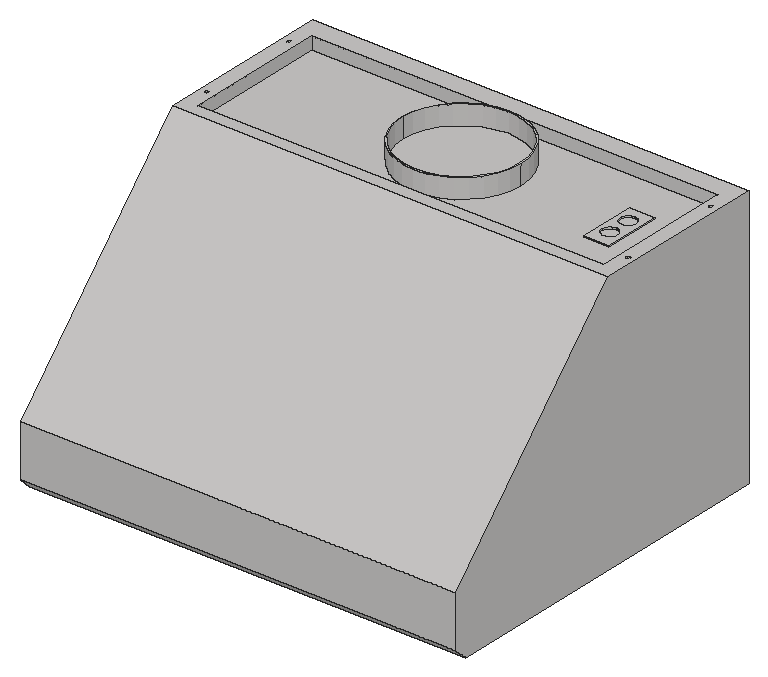
Revit family "FP_Revit_18_HCB30-6_N_Rangehood_90001233A", category Specialty Equipment, Revit 2018
Family settings
  Round Connector Dimension = Use Diameter
  Part Type = Normal
  OmniClass Number = 23.40.40.00
  OmniClass Title = Food Service Equipment and Furnishings
  Work Plane-Based = No
  Always vertical = Yes
  Cut with Voids When Loaded = Yes
  Shared = No
  Room Calculation Point = No
Parameters
  Visibility - Duct Cover [instance] = no
  URL = "www.fisherpaykel.com"
  Product - Width = 759 mm  # constant formula
  Product - Height = 457 mm  # constant formula
  Product - Depth = 636 mm  # constant formula
  Model = "HCB30-6_N"
  Material - Glass = Fisher & Paykel - White Bezel
  Material - Buttons and Dials = Fisher & Paykel - Steel, Chrome Plated
  Material - Body = Fisher & Paykel - Stainless Steel
  Manufacturer = "Fisher & Paykel Appliances"
  FFL Offset [instance] = 1677 mm
  Duct Cover - Height 6"(152mm) or 12"(305mm) [instance] = 305 mm
  Description = "30\" Professional Rangehood"
  Connector Description - Extraction = "8\" (208mm) Outside diameter of ducting outlet, 600 CFM"
  Connector Description - Electrical = "120 V, 60 Hz, 20 A, Branch circuit"
Reference planes
  plane 1 "Center (Front/Back)": y = 0
  plane 2: z = 0
  plane 3 "Center (Left/Right)": x = 0
  plane 4 "Product LHS": x = -379.5
  plane 5 "Product RHS": x = 379.5
  plane 6 "Product Front": y = -318
  plane 7 "Product Rear": y = 318
  plane 8 "FFL Offset": z = 1677
  plane 9 "Product - Height": z = 2134
  plane 10 "Mounting": x = -367
  plane 11 "Duct Cover": z = 2439
Forms (mm)
  Extrusion 1, solid, material "Fisher & Paykel - Stainless Steel" <- "Material - Body"
    sketch origin (0, 0, 0) x (0, 1, 0) y (0, 0, 1)
      loop
        line (318, 2134) -> (13.065, 2134)
        arc (13.065, 2134) -> (-159.196, 1966.92) -> (-318, 1787) r 3096.237
        line (-318, 1787) -> (-318, 1696.18) -> (-297.82, 1677) -> (318, 1677) -> (318, 2134)
    from -379.5 to 379.5
  Extrusion 2, solid, material "Fisher & Paykel - Stainless Steel" <- "Material - Body"
    sketch origin (0, 0, 0) x (1, 0, 0) y (0, 1, 0)
      loop
        circle (0, 168) r 104
      loop
        circle (0, 168) r 102
    from 2112 to 2146
  Extrusion 3, void
    sketch origin (0, 0, 82.261) x (1, 0, 0) y (0, 1, 0)
      loop
        circle (-367, 252) r 3
      loop
        circle (-367, 72) r 3
      loop
        circle (367, 252) r 3
      loop
        circle (367, 72) r 3
    from 2041.739 to 2051.739
  Extrusion 4, void
    sketch origin (0, 0, 0) x (1, 0, 0) y (0, 0, 1)
      loop
        line (227.78, 2027.773) -> (227.78, 2037.9)
        arc (227.78, 2037.9) -> (224.28, 2041.4) -> (220.78, 2037.9) r 3.5
        line (220.78, 2037.9) -> (220.78, 2027.773)
        arc (220.78, 2027.773) -> (224.28, 2016.89) -> (227.78, 2027.773) r 6.004
      loop
        circle (250, 1753) r 9
      loop
        arc (-227.78, 2027.773) -> (-224.28, 2016.89) -> (-220.78, 2027.773) r 6.004
        line (-220.78, 2027.773) -> (-220.78, 2037.9)
        arc (-220.78, 2037.9) -> (-224.28, 2041.4) -> (-227.78, 2037.9) r 3.5
        line (-227.78, 2037.9) -> (-227.78, 2027.773)
      loop
        circle (-250, 1753) r 9
    from -318 to -293
  Extrusion 5, void
    sketch origin (0, 0, 0) x (0, 1, 0) y (0, 0, 1)
      loop
        line (-278.628, 1677) -> (242.7, 1677) -> (224.841, 1726.067) -> (241.039, 1726.067) -> (249.59, 1749.559) -> (224.137, 1758.823) -> (224.137, 1859.689) -> (-52.991, 1859.689) -> (-61.542, 1836.197) -> (-38.362, 1827.76) -> (-149.156, 1728) -> (-278.628, 1677)
    from -340.5 to 340.5
  Extrusion 6, solid, material "Fisher & Paykel - Stainless Steel" <- "Material - Body"
    sketch origin (0, 0, 0) x (1, 0, 0) y (0, 0, 1)
      loop
        line (-340.5, 1677) -> (-304, 1728) -> (-304, 1827) -> (-340.5, 1827) -> (-340.5, 1677)
      loop
        line (340.5, 1677) -> (340.5, 1827) -> (304, 1827) -> (304, 1728) -> (340.5, 1677)
    from -242.7 to 278.628
  Extrusion 7, void
    sketch origin (0, 0, 0) x (1, 0, 0) y (0, 0, 1)
      loop
        line (353.8, 2070.8) -> (-353.8, 2070.8) -> (-353.8, 1768.5) -> (353.8, 1768.5) -> (353.8, 2070.8)
    from -318 to -298
  Extrusion 8, void
    sketch origin (0, 0, 0) x (1, 0, 0) y (0, 1, 0)
      loop
        line (-353.7, 283.5) -> (-353.7, 35.2) -> (353.7, 35.2) -> (353.7, 283.5) -> (-353.7, 283.5)
    from 2112 to 2134
  Extrusion 9, solid, material "Fisher & Paykel - Stainless Steel" <- "Material - Body"
    sketch origin (0, 0, 0) x (1, 0, 0) y (0, 1, 0)
      loop
        line (259.4, 209.7) -> (259.4, 109.7) -> (303.4, 109.7) -> (303.4, 209.7) -> (259.4, 209.7)
      loop
        circle (281.4, 179.7) r 13.89
      loop
        circle (281.4, 139.7) r 13.89
    from 2112 to 2113.8
  Revolve 10, solid, material "Fisher & Paykel - Steel, Chrome Plated" <- "Material - Buttons and Dials", detail levels medium+fine
    sketch origin (-152.489, 0, 0) x (0, 1, 0) y (0, 0, 1)
      loop
        line (-187.912, 1712.734) -> (-185.676, 1707.058) -> (-176.21, 1713.044) -> (-177.677, 1716.766) -> (-187.912, 1712.734)
      axis (-213.499, 1702.655) -> (-211.263, 1696.979)
    angle from 0 to 360
  Revolve 11, solid, material "Fisher & Paykel - White Bezel" <- "Material - Glass", detail levels fine
    sketch origin (-152.489, 0, 0) x (0, 1, 0) y (0, 0, 1)
      loop
        line (-213.499, 1702.655) -> (-211.263, 1696.979) -> (-185.676, 1707.058) -> (-187.912, 1712.734) -> (-213.499, 1702.655)
      axis (-213.499, 1702.655) -> (-211.263, 1696.979)
    angle from 0 to 360
  Revolve 12, solid, material "Fisher & Paykel - Steel, Chrome Plated" <- "Material - Buttons and Dials", detail levels medium+fine
    sketch origin (-2000, -44.72, 0) x (1, 0, 0) y (0, 0, 1)
      loop
        line (2321.702, 1703.266) -> (2308.853, 1694.071) -> (2320.493, 1677.807) -> (2330.089, 1684.674) -> (2331.078, 1683.292) -> (2334.508, 1681.935) -> (2336.135, 1683.099) -> (2321.702, 1703.266)
      axis (2321.702, 1703.266) -> (2308.853, 1694.071)
    angle from 0 to 360
  Revolve 13, solid, material "Fisher & Paykel - Steel, Chrome Plated" <- "Material - Buttons and Dials", detail levels medium+fine
    sketch origin (-2000, -124.719, 0) x (1, 0, 0) y (0, 0, 1)
      loop
        line (2321.702, 1703.266) -> (2308.853, 1694.071) -> (2320.493, 1677.807) -> (2330.089, 1684.674) -> (2331.078, 1683.292) -> (2334.508, 1681.935) -> (2336.135, 1683.099) -> (2321.702, 1703.266)
      axis (2321.702, 1703.266) -> (2308.853, 1694.071)
    angle from 0 to 360
  Extrusion 14, solid, material "Fisher & Paykel - Stainless Steel" <- "Material - Body", visible <- "Visibility - Duct Cover"
    sketch origin (0, 0, 0) x (1, 0, 0) y (0, 1, 0)
      loop
        line (-379.5, 318) -> (-379.5, 13.065) -> (379.5, 13.065) -> (379.5, 318) -> (353.7, 318) -> (353.7, 35.2) -> (-353.7, 35.2) -> (-353.7, 318) -> (-379.5, 318)
    from 2134 to 2439
  Revolve 15, solid, material "Fisher & Paykel - Steel, Chrome Plated" <- "Material - Buttons and Dials", detail levels medium+fine
    sketch origin (152.506, 0, 0) x (0, 1, 0) y (0, 0, 1)
      loop
        line (-187.912, 1712.734) -> (-185.676, 1707.058) -> (-176.21, 1713.044) -> (-177.677, 1716.766) -> (-187.912, 1712.734)
      axis (-213.499, 1702.655) -> (-211.263, 1696.979)
    angle from 0 to 360
  Revolve 16, solid, material "Fisher & Paykel - White Bezel" <- "Material - Glass", detail levels fine
    sketch origin (152.506, 0, 0) x (0, 1, 0) y (0, 0, 1)
      loop
        line (-213.499, 1702.655) -> (-211.263, 1696.979) -> (-185.676, 1707.058) -> (-187.912, 1712.734) -> (-213.499, 1702.655)
      axis (-213.499, 1702.655) -> (-211.263, 1696.979)
    angle from 0 to 360
Cuts and joins
  Extrusion 3, Extrusion 4, Extrusion 5, Extrusion 7, Extrusion 8 cuts Extrusion 1
  Extrusion 7 cuts Extrusion 6
  joined: Extrusion 1, Extrusion 6
Text (mm)
  text "Due to ongoing product development, product details are subject to change without notice. \nPlease always refer to www.fisherpaykel.com for the most current product information. \n© Fisher & Paykel 2020" at (41.04, -1225.549, 0), in view "Ref. Level (Plan)"
Dimensions and locks
  equal spacing: plane 4 "Product LHS", plane 3 "Center (Left/Right)", plane 5 "Product RHS"
  equal spacing: plane 7 "Product Rear", plane 1 "Center (Front/Back)", plane 6 "Product Front"
  "Product - Depth": plane 7 "Product Rear" to plane 6 "Product Front"
  "FFL Offset": plane 8 "FFL Offset" to level
  Extrusion 1 to Extrusion 2 sketch curve = 150 mm
  plane 9 "Product - Height" to Extrusion 2 = 12 mm
  Extrusion 1 to Extrusion 3 sketch curve = 66 mm
  Extrusion 1 to Extrusion 3 sketch curve = 246 mm
  locked: Extrusion 3 to plane 9 "Product - Height" at 10
  "Product - Height": plane 9 "Product - Height" to plane 8 "FFL Offset"
  locked: Extrusion 2 to plane 9 "Product - Height" at 12
  locked: cut or joined group of Extrusion 1, Extrusion 3, Extrusion 4, Extrusion 5, Extrusion 6, Extrusion 7, Extrusion 8 to plane 9 "Product - Height" at 22
  locked: cut or joined group of Extrusion 1, Extrusion 3, Extrusion 4, Extrusion 5, Extrusion 6, Extrusion 7, Extrusion 8 to Extrusion 9 at 1.8
  "Duct Cover - Height 6"(152mm) or 12"(305mm)": plane 9 "Product - Height" to plane 11 "Duct Cover"
  locked: nested 1 to plane 8 "FFL Offset" at 104.132
  locked: Extrusion 1 sketch curve to plane 8 "FFL Offset" at 110
  aligned and locked: level to plane 2
  aligned and locked: plane 8 "FFL Offset" to Extrusion 1 sketch curve
  aligned and locked: Extrusion 1 to plane 5 "Product RHS"
  aligned and locked: plane 4 "Product LHS" to Extrusion 1
  aligned and locked: plane 7 "Product Rear" to Extrusion 1
  aligned and locked: Extrusion 1 to plane 6 "Product Front"
  aligned and locked: Extrusion 1 to plane 9 "Product - Height"
  aligned and locked: Extrusion 3 to plane 9 "Product - Height"
  aligned and locked: Extrusion 1 to Extrusion 4
  aligned and locked: Extrusion 8 to plane 9 "Product - Height"
  aligned and locked: plane 7 "Product Rear" to Extrusion 14 sketch curve
  aligned and locked: Extrusion 14 sketch curve to plane 7 "Product Rear"
  aligned and locked: Extrusion 14 sketch curve to cut or joined group of Extrusion 1, Extrusion 3, Extrusion 4, Extrusion 5, Extrusion 6, Extrusion 7, Extrusion 8  (x3)
  aligned and locked: plane 9 "Product - Height" to Extrusion 14
  aligned and locked: cut or joined group of Extrusion 1, Extrusion 3, Extrusion 4, Extrusion 5, Extrusion 6, Extrusion 7, Extrusion 8 to Extrusion 9
  aligned and locked: cut or joined group of Extrusion 1, Extrusion 3, Extrusion 4, Extrusion 5, Extrusion 6, Extrusion 7, Extrusion 8 to Extrusion 2
  aligned and locked: Extrusion 14 to plane 11 "Duct Cover"
Automatic sketch dimensions
  Extrusion 1 sketch curve to plane 6 "Product Front" = 0 mm
  plane 9 "Product - Height" to Extrusion 1 sketch curve = 0 mm
  Extrusion 1 sketch curve to plane 7 "Product Rear" = 0 mm
  plane 6 "Product Front" to Extrusion 1 sketch curve = 20.18 mm
  Extrusion 1 sketch curve to plane 1 "Center (Front/Back)" = 13.065 mm
  Extrusion 1 sketch curve to level = 170.408 mm
  plane 8 "FFL Offset" to Extrusion 1 sketch curve = 19.18 mm
  Extrusion 2 sketch curve to Extrusion 2 sketch curve = 0 mm  (x2)
  Extrusion 2 sketch curve to plane 3 "Center (Left/Right)" = 0 mm
  Extrusion 3 sketch curve to plane 10 "Mounting" = 0 mm  (x2)
  plane 5 "Product RHS" to Extrusion 3 sketch curve = 12.5 mm  (x2)
  Extrusion 3 sketch curve to plane 1 "Center (Front/Back)" = 72 mm
  Extrusion 3 sketch curve to plane 7 "Product Rear" = 66 mm
  plane 10 "Mounting" to Extrusion 4 sketch curve = 117 mm
  plane 10 "Mounting" to Extrusion 4 sketch curve = 139.22 mm
  Extrusion 4 sketch curve to Extrusion 4 sketch curve = 3.5 mm  (x4)
  plane 5 "Product RHS" to Extrusion 4 sketch curve = 158.72 mm
  plane 5 "Product RHS" to Extrusion 4 sketch curve = 129.5 mm
  plane 8 "FFL Offset" to Extrusion 4 sketch curve = 76 mm  (x2)
  plane 9 "Product - Height" to Extrusion 4 sketch curve = 111.105 mm  (x2)
  Extrusion 4 sketch curve to Extrusion 4 sketch curve = 4.879 mm  (x2)
  Extrusion 4 sketch curve to Extrusion 4 sketch curve = 10.127 mm  (x2)
  Extrusion 5 sketch curve to plane 8 "FFL Offset" = 0 mm
  plane 6 "Product Front" to Extrusion 5 sketch curve = 39.372 mm
  plane 8 "FFL Offset" to Extrusion 5 sketch curve = 51 mm
  Extrusion 5 sketch curve to Extrusion 5 sketch curve = 129.471 mm
  plane 1 "Center (Front/Back)" to Extrusion 5 sketch curve = 61.542 mm
  Extrusion 5 sketch curve to Extrusion 5 sketch curve = 8.551 mm  (x2)
  Extrusion 5 sketch curve to Extrusion 5 sketch curve = 23.18 mm
  Extrusion 5 sketch curve to plane 7 "Product Rear" = 93.863 mm
  Extrusion 5 sketch curve to Extrusion 5 sketch curve = 0.704 mm
  Extrusion 5 sketch curve to Extrusion 5 sketch curve = 16.198 mm
  Extrusion 5 sketch curve to Extrusion 5 sketch curve = 1.661 mm
  plane 8 "FFL Offset" to Extrusion 5 sketch curve = 49.067 mm
  Extrusion 5 sketch curve to Extrusion 5 sketch curve = 23.492 mm
  Extrusion 5 sketch curve to Extrusion 5 sketch curve = 99.76 mm
  Extrusion 5 sketch curve to Extrusion 5 sketch curve = 8.437 mm
  Extrusion 6 sketch curve to plane 8 "FFL Offset" = 0 mm  (x2)
  plane 10 "Mounting" to Extrusion 6 sketch curve = 26.5 mm
  Extrusion 6 sketch curve to Extrusion 6 sketch curve = 36.5 mm
  plane 5 "Product RHS" to Extrusion 6 sketch curve = 75.5 mm
  plane 5 "Product RHS" to Extrusion 6 sketch curve = 39 mm
  plane 8 "FFL Offset" to Extrusion 6 sketch curve = 51 mm  (x2)
  Extrusion 6 sketch curve to Extrusion 6 sketch curve = 99 mm  (x2)
  plane 10 "Mounting" to Extrusion 7 sketch curve = 13.2 mm
  plane 5 "Product RHS" to Extrusion 7 sketch curve = 25.7 mm
  plane 8 "FFL Offset" to Extrusion 7 sketch curve = 91.5 mm
  plane 9 "Product - Height" to Extrusion 7 sketch curve = 63.2 mm
  plane 10 "Mounting" to Extrusion 8 sketch curve = 13.3 mm
  plane 5 "Product RHS" to Extrusion 8 sketch curve = 25.8 mm
  Extrusion 8 sketch curve to plane 1 "Center (Front/Back)" = 35.2 mm
  Extrusion 8 sketch curve to plane 7 "Product Rear" = 34.5 mm
  plane 5 "Product RHS" to Extrusion 9 sketch curve = 120.1 mm
  Extrusion 9 sketch curve to Extrusion 9 sketch curve = 22 mm  (x3)
  Extrusion 9 sketch curve to plane 1 "Center (Front/Back)" = 109.7 mm
  Extrusion 9 sketch curve to Extrusion 9 sketch curve = 30 mm
  Extrusion 9 sketch curve to Extrusion 9 sketch curve = 40 mm
  Extrusion 9 sketch curve to Extrusion 9 sketch curve = 29.999 mm
  plane 8 "FFL Offset" to Revolve 10 sketch curve = 35.734 mm
  plane 6 "Product Front" to Revolve 10 sketch curve = 130.088 mm
  plane 8 "FFL Offset" to Revolve 10 sketch curve = 30.058 mm
  Revolve 10 sketch curve to Revolve 10 sketch curve = 2.236 mm
  plane 8 "FFL Offset" to Revolve 10 sketch curve = 39.766 mm
  plane 8 "FFL Offset" to Revolve 10 sketch curve = 36.044 mm
  plane 8 "FFL Offset" to Revolve 10 sketch curve = 10.675 mm
  Revolve 10 sketch curve to Revolve 10 sketch curve = 21.922 mm
  plane 8 "FFL Offset" to Revolve 10 sketch curve = 19.979 mm
  Revolve 10 sketch curve to Revolve 10 sketch curve = 3.665 mm
  plane 8 "FFL Offset" to Revolve 11 sketch curve = 25.655 mm
  plane 6 "Product Front" to Revolve 11 sketch curve = 104.501 mm
  plane 8 "FFL Offset" to Revolve 11 sketch curve = 19.979 mm  (x2)
  Revolve 11 sketch curve to Revolve 11 sketch curve = 2.236 mm
  plane 8 "FFL Offset" to Revolve 11 sketch curve = 35.734 mm
  Revolve 11 sketch curve to Revolve 11 sketch curve = 0 mm
  plane 8 "FFL Offset" to Revolve 11 sketch curve = 15.327 mm
  Revolve 11 sketch curve to Revolve 11 sketch curve = 1.833 mm
  plane 8 "FFL Offset" to Revolve 12 sketch curve = 17.071 mm  (x2)
  plane 5 "Product RHS" to Revolve 12 sketch curve = 70.647 mm
  plane 8 "FFL Offset" to Revolve 12 sketch curve = 0.807 mm
  Revolve 12 sketch curve to Revolve 12 sketch curve = 11.64 mm
  plane 8 "FFL Offset" to Revolve 12 sketch curve = 26.266 mm
  plane 8 "FFL Offset" to Revolve 12 sketch curve = 7.674 mm
  plane 8 "FFL Offset" to Revolve 12 sketch curve = 6.292 mm
  plane 8 "FFL Offset" to Revolve 12 sketch curve = 4.935 mm
  Revolve 12 sketch curve to Revolve 12 sketch curve = 3.431 mm
  plane 8 "FFL Offset" to Revolve 12 sketch curve = 14.161 mm
  Revolve 12 sketch curve to Revolve 12 sketch curve = 4.066 mm
  Revolve 12 sketch curve to Revolve 12 sketch curve = 0 mm
  plane 8 "FFL Offset" to Revolve 13 sketch curve = 17.071 mm  (x2)
  plane 5 "Product RHS" to Revolve 13 sketch curve = 70.647 mm
  plane 8 "FFL Offset" to Revolve 13 sketch curve = 0.807 mm
  Revolve 13 sketch curve to Revolve 13 sketch curve = 11.64 mm
  plane 8 "FFL Offset" to Revolve 13 sketch curve = 26.266 mm
  plane 8 "FFL Offset" to Revolve 13 sketch curve = 7.674 mm
  plane 8 "FFL Offset" to Revolve 13 sketch curve = 6.292 mm
  plane 8 "FFL Offset" to Revolve 13 sketch curve = 4.935 mm
  Revolve 13 sketch curve to Revolve 13 sketch curve = 3.431 mm
  plane 8 "FFL Offset" to Revolve 13 sketch curve = 14.161 mm
  Revolve 13 sketch curve to Revolve 13 sketch curve = 4.066 mm
  Revolve 13 sketch curve to Revolve 13 sketch curve = 0 mm
  Extrusion 14 sketch curve to plane 4 "Product LHS" = 0 mm
  Extrusion 14 sketch curve to plane 5 "Product RHS" = 0 mm
  Extrusion 14 sketch curve to plane 1 "Center (Front/Back)" = 13.065 mm
  plane 8 "FFL Offset" to Revolve 15 sketch curve = 35.734 mm
  plane 6 "Product Front" to Revolve 15 sketch curve = 130.088 mm
  plane 8 "FFL Offset" to Revolve 15 sketch curve = 30.058 mm
  Revolve 15 sketch curve to Revolve 15 sketch curve = 2.236 mm
  plane 8 "FFL Offset" to Revolve 15 sketch curve = 39.766 mm
  plane 8 "FFL Offset" to Revolve 15 sketch curve = 36.044 mm
  plane 8 "FFL Offset" to Revolve 15 sketch curve = 10.675 mm
  Revolve 15 sketch curve to Revolve 15 sketch curve = 21.922 mm
  plane 8 "FFL Offset" to Revolve 15 sketch curve = 19.979 mm
  Revolve 15 sketch curve to Revolve 15 sketch curve = 3.665 mm
  plane 8 "FFL Offset" to Revolve 16 sketch curve = 25.655 mm
  plane 6 "Product Front" to Revolve 16 sketch curve = 104.501 mm
  plane 8 "FFL Offset" to Revolve 16 sketch curve = 19.979 mm  (x2)
  Revolve 16 sketch curve to Revolve 16 sketch curve = 2.236 mm
  plane 8 "FFL Offset" to Revolve 16 sketch curve = 35.734 mm
  Revolve 16 sketch curve to Revolve 16 sketch curve = 0 mm
  plane 8 "FFL Offset" to Revolve 16 sketch curve = 15.327 mm
  Revolve 16 sketch curve to Revolve 16 sketch curve = 1.833 mm
  radius of Extrusion 2 sketch curve = 104 mm
  radius of Extrusion 2 sketch curve = 102 mm
  radius of Extrusion 3 sketch curve = 3 mm  (x4)
  radius of Extrusion 4 sketch curve = 9 mm  (x2)
  radius of Extrusion 9 sketch curve = 13.89 mm  (x2)
Nested families
  nested 1: "F&P Filter Rangehood HCB30" at (150.5, 89.749, 1781.132), type "F&P Filter Rangehood HCB30"
  nested 2: "F&P Filter Rangehood HCB30" at (-150.5, 89.749, 1781.132), type "F&P Filter Rangehood HCB30"
  nested 3: "F&P Filter Rangehood HCB30" at (150.5, 89.749, 1781.132), type "F&P Filter Rangehood HCB30", not visible
  nested 4: "F&P Filter Rangehood HCB30" at (-150.5, 89.749, 1781.132), type "F&P Filter Rangehood HCB30", not visible
Connectors
  electrical at (281.4, 139.7, 2112), driven by "Connector Description - Electrical"
    settings: on Extrusion 9, index 1, voltage 120 V, apparent load 0 VA, apparent load phase1 0 VA, apparent load phase2 0 VA, apparent load phase3 0 VA, power factor 1, load classification "Other", number of poles 1, system type 30, power factor state 1, is connector primary yes, connector utility no, sub classification motor no, connector description "120 V, 60 Hz, 20 A, Branch circuit"
  hvac at (0, 168, 2146), driven by "Connector Description - Extraction"
    settings: on Extrusion 2, index 2, duct flow 0.0 L/s, flow factor 0, pres drop 0.0 Pa, loss coef 0, conn angle 0.00°, conn width 304.8 mm, conn height 304.8 mm, conn diameter 208 mm, duct sys type 4, conn prof type 0, flow config 0, flow direction 2, loss method 0, conn ref index -1, conn util no, is conn primary yes, conn desc "8\" (208mm) Outside diameter of ducting outlet, 600 CFM"
  hvac at (0, 168, 2146), driven by "Connector Description - Extraction"
    settings: on Extrusion 2, index 3, duct flow 0.0 L/s, flow factor 0, pres drop 0.0 Pa, loss coef 0, conn angle 0.00°, conn width 304.8 mm, conn height 304.8 mm, conn diameter 208 mm, duct sys type 4, conn prof type 0, flow config 0, flow direction 2, loss method 0, conn ref index -1, conn util no, is conn primary no, conn desc "8\" (208mm) Outside diameter of ducting outlet, 600 CFM"
  hvac at (0, 168, 2146), driven by "Connector Description - Extraction"
    settings: on Extrusion 2, index 5, duct flow 0.0 L/s, flow factor 0, pres drop 0.0 Pa, loss coef 0, conn angle 0.00°, conn width 304.8 mm, conn height 304.8 mm, conn diameter 208 mm, duct sys type 4, conn prof type 0, flow config 0, flow direction 2, loss method 0, conn ref index -1, conn util no, is conn primary no, conn desc "8\" (208mm) Outside diameter of ducting outlet, 600 CFM"
Definition of nested family "F&P Filter Rangehood HCB30"
  Parameters (values of type "F&P Filter Rangehood HCB30")
    URL = "www.fisherpaykel.com"
    Material - Body = none
    Manufacturer = "Fisher & Paykel Appliances"
  Reference planes
    plane 1 "Center (Front/Back)": y = 0
    plane 2: z = 0
    plane 3 "Center (Left/Right)": x = 0
  Forms (mm)
    Extrusion 1, solid, material <- "Material - Body"
      sketch origin (0, 0, 0) x (1, 0, 0) y (0, -0.939693, 0.34202)
        loop
          line (-150.5, 161) -> (-150.5, -161) -> (150.5, -161) -> (150.5, 161) -> (-150.5, 161)
        loop
          line (107.425, -143) -> (107.425, 143) -> (-107.425, 143) -> (-107.425, -143) -> (107.425, -143)
      from -25 to 0
    Extrusion 2, solid, material <- "Material - Body", detail levels fine
      sketch origin (0, 0, 0) x (1, 0, 0) y (0, 0.34202, 0.939693)
        loop
          line (-150.5, 0) -> (-112.425, 0) -> (-107.425, 8.66) -> (-109.931, 23.4) -> (-150.5, 23.4) -> (-150.5, 0)
        loop
          line (-92.575, 8.66) -> (-87.575, 0) -> (-62.425, 0) -> (-57.425, 8.66) -> (-59.931, 23.4) -> (-90.069, 23.4) -> (-92.575, 8.66)
        loop
          line (-42.575, 8.66) -> (-37.575, 0) -> (-12.425, 0) -> (-7.425, 8.66) -> (-9.931, 23.4) -> (-40.069, 23.4) -> (-42.575, 8.66)
        loop
          line (150.5, 0) -> (150.5, 23.4) -> (109.931, 23.4) -> (107.425, 8.66) -> (112.425, 0) -> (150.5, 0)
        loop
          line (92.575, 8.66) -> (90.069, 23.4) -> (59.931, 23.4) -> (57.425, 8.66) -> (62.425, 0) -> (87.575, 0) -> (92.575, 8.66)
        loop
          line (42.575, 8.66) -> (40.069, 23.4) -> (9.931, 23.4) -> (7.425, 8.66) -> (12.425, 0) -> (37.575, 0) -> (42.575, 8.66)
      from -143 to 143
    Extrusion 3, solid, material <- "Material - Body"
      sketch origin (0, 0, 0) x (1, 0, 0) y (0, 0.34202, 0.939693)
        loop
          line (-107.425, 25) -> (-107.425, 23.4) -> (107.425, 23.4) -> (107.425, 25) -> (-107.425, 25)
      from -143 to 143
    Extrusion 4, solid, material <- "Material - Body", detail levels fine
      sketch origin (0, 0, 0) x (1, 0, 0) y (0, -0.939693, 0.34202)
        loop
          circle (-141.425, 0) r 6
        loop
          circle (141.425, 0) r 6
      from 0 to 18.5
    Extrusion 5, solid, material <- "Material - Body", detail levels coarse+medium
      sketch origin (0, 0, 0) x (1, 0, 0) y (0, 0.34202, 0.939693)
        loop
          line (-150.5, 23.4) -> (-150.5, 0) -> (-107.425, 0) -> (-107.425, 23.4) -> (-150.5, 23.4)
        loop
          line (-92.575, 23.4) -> (-92.575, 0) -> (-57.425, 0) -> (-57.425, 23.4) -> (-92.575, 23.4)
        loop
          line (-42.575, 23.4) -> (-42.575, 0) -> (-7.425, 0) -> (-7.425, 23.4) -> (-42.575, 23.4)
        loop
          line (150.5, 23.4) -> (107.425, 23.4) -> (107.425, 0) -> (150.5, 0) -> (150.5, 23.4)
        loop
          line (92.575, 23.4) -> (57.425, 23.4) -> (57.425, 0) -> (92.575, 0) -> (92.575, 23.4)
        loop
          line (42.575, 23.4) -> (7.425, 23.4) -> (7.425, 0) -> (42.575, 0) -> (42.575, 23.4)
      from -143 to 143
  Cuts and joins
    joined: Extrusion 1, Extrusion 3
  Dimensions and locks
    aligned and locked: level to plane 2
